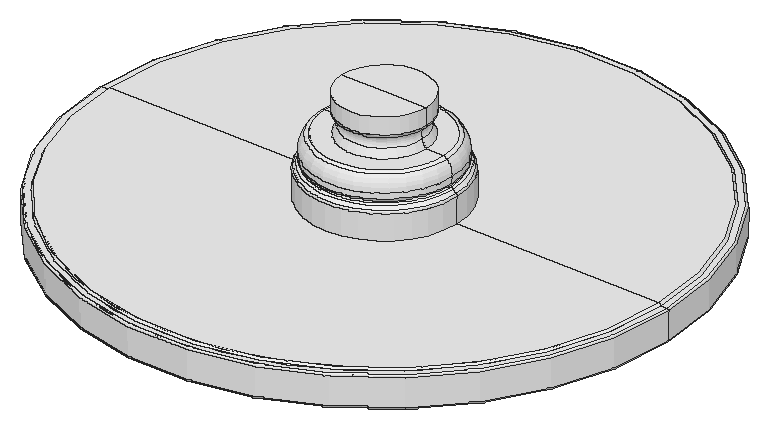
Revit family "Shower_Head-Grohe-Euphoria_Cosmopolitan_180-27492_Series", category Plumbing Fixtures, Revit 2014
Parameters (values of type "27492000")
  cUPC Compliant = yes
  Width = 7 11/128"  # constant formula
  Waste Connection = no
  Warranty Documentation Link = "https://cdn.cloud.grohe.com/tpi/1000/1900/1940/1949/1949006/original/1949006.pdf"
  WFU = 4
  Vent Connection = no
  URL = "https://www.grohe.us/"
  Type Comments = ""
  Tempered Connection Radius = Tempered Connection Diameter / 2  # 1/4"
  Tempered Connection Diameter = Hot Water Connection Diameter  # 1/2"
  Product Page URL = "https://www.grohe.us/en_us/euphoria-cosmopolitan-180-shower-head-1-spray-27492000.html"
  Price = "Prices may vary. Please consult Manufacturer Representative for most up-to-date price list."  # constant formula
  Model = "27492000"
  Material = "Metal-Grohe-000-Chrome"
  Manufacturer = "Grohe"
  Hot Water Connection Radius = Hot Water Connection Diameter / 2  # 1/4"
  Hot Water Connection Diameter = Cold Water Connection Diameter  # 1/2"
  Height = 2 1/128"  # constant formula
  HWFU = 3
  HW Connection = yes
  Flow Rate = "2.0 gpm (7.6 L/min)"
  Finish = Metal-Grohe-000-Chrome
  Description = "Euphoria Cosmopolitan 180"  # constant formula
  Default Elevation = 0"
  Creation Date = "04/21/2017"  # constant formula
  Cold Water Connection Radius = Cold Water Connection Diameter / 2  # 1/4"
  Cold Water Connection Diameter = 1/2"  # constant formula
  CWFU = 3
  CW Connection = yes
  Assembly Code = "D2010710"
Types (3): name | URL | Type Comments | Product Page URL | Model | Material | Finish
  (no name) | "https://www.grohe.us/" | "" | "https://www.grohe.us/en_us/euphoria-cosmopolitan-180-shower-head-1-spray-27492000.html" | "27492000" | "Metal-Grohe-000-Chrome" | Metal-Grohe-000-Chrome
  27492000 | "https://www.grohe.us/" | "" | "https://www.grohe.us/en_us/euphoria-cosmopolitan-180-shower-head-1-spray-27492000.html" | "27492000" | "Metal-Grohe-000-Chrome" | Metal-Grohe-000-Chrome
  27492EN0 | "http://www.grohe.com" | "*DISCONTINUED*" | "https://www.grohe.com/ca-en/6280/showers/hand-showers-shower-sets/euphoria-stick-cosmopolitan/product-details/?product=27492-G275&color=EN0&material=27492000" | "27492EN0" | "Metal-Grohe-EN0-Brushed Nickel" | Metal-Grohe-EN0-Brushed Nickel
Reference planes (in)
  plane 1 "Center (Front/Back)": y = 0
  plane 2: z = 0
  plane 3 "Center (Left/Right)": x = 0
  plane 4: z = -2.00781
  plane 5: x = -3.54297
  plane 6: x = 3.54297
Forms (in)
  Revolve 1, solid, material "Metal-Grohe-000-Chrome" <- "Finish"
    sketch origin (0, 0, 0) x (1, 0, 0) y (0, 0, 1)
      loop
        line (0, 0) -> (-0.52362, 0) -> (-0.52362, -0.20081)
        arc (-0.52362, -0.20081) -> (-0.51928, -0.21847) -> (-0.50724, -0.23209) r 0.03804
        arc (-0.50724, -0.23209) -> (-0.46229, -0.29578) -> (-0.46898, -0.37345) r 0.11358
        line (-0.46898, -0.37345) -> (-0.51331, -0.4685) -> (-0.73877, -0.4685)
        arc (-0.73877, -0.4685) -> (-0.76306, -0.47392) -> (-0.78275, -0.48913) r 0.0572
        arc (-0.78275, -0.48913) -> (-0.83004, -0.57166) -> (-0.84646, -0.66535) r 0.27559
        line (-0.84646, -0.66535) -> (-0.84646, -0.73339)
        arc (-0.84646, -0.73339) -> (-0.83986, -0.74931) -> (-0.82394, -0.75591) r 0.02251
        line (-0.82394, -0.75591) -> (-0.70866, -0.75591) -> (-0.70866, -0.7874) -> (-0.82962, -0.7874)
        arc (-0.82962, -0.7874) -> (-0.84517, -0.7905) -> (-0.85836, -0.79931) r 0.04066
        line (-0.85836, -0.79931) -> (-0.89266, -0.8336)
        arc (-0.89266, -0.8336) -> (-0.90217, -0.84784) -> (-0.90551, -0.86464) r 0.04389
        line (-0.90551, -0.86464) -> (-0.90551, -1.16521) -> (-3.42158, -1.16521) -> (-3.44534, -1.18898) -> (-3.52293, -1.18898)
        arc (-3.52293, -1.18898) -> (-3.53708, -1.1949) -> (-3.54278, -1.20914) r 0.01986
        line (-3.54278, -1.20914) -> (-3.53752, -1.54631)
        arc (-3.53752, -1.54631) -> (-3.53123, -1.56101) -> (-3.51643, -1.56708) r 0.02109
        line (-3.51643, -1.56708) -> (-2.98073, -1.56708) -> (-2.97283, -1.71784)
        arc (-2.97283, -1.71784) -> (-2.94981, -1.77045) -> (-2.8978, -1.79481) r 0.08149
        arc (-2.8978, -1.79481) -> (-1.44976, -1.89294) -> (0, -1.96103) r 69.99363
        line (0, -1.96103) -> (0, 0)
      axis (0, 0) -> (0, -1.96103)
    angle from 0 to 360
Lines and regions (in)
  Masking region 1
    outline origin (0, 0, 0) x (1, 0, 0) y (0, 1, 0)
      loop
        circle (0, 0) r 3.54664
  symbolic lines, detail levels medium+fine
    curve 1: circle (0, 0, 0) r 0.51331 normal (0, 0, 1)
  symbolic lines, detail levels fine
    curve 2: circle (0, 0, 0) r 0.70866 normal (0, 0, 1)
    curve 3: circle (0, 0, 0) r 3.5 normal (0, 0, 1)
Dimensions and locks (in)
  "Height": level to plane 4
  equal spacing: plane 6, plane 3 "Center (Left/Right)", plane 5
  "Width": plane 6 to plane 5
Automatic sketch dimensions
  Revolve 1 sketch curve to level = 0"
  Revolve 1 sketch curve to plane 3 "Center (Left/Right)" = 0"  (x2)
  plane 4 to Revolve 1 sketch curve = 0.04678"
  Revolve 1 sketch curve to plane 3 "Center (Left/Right)" = 0.46898"
  Revolve 1 sketch curve to Revolve 1 sketch curve = 0.01659"
  Revolve 1 sketch curve to Revolve 1 sketch curve = 0.04432"
  Revolve 1 sketch curve to Revolve 1 sketch curve = 0.03804"
  Revolve 1 sketch curve to Revolve 1 sketch curve = 0.05756"
  Revolve 1 sketch curve to Revolve 1 sketch curve = 0.10294"
  Revolve 1 sketch curve to Revolve 1 sketch curve = 0.1378"
  Revolve 1 sketch curve to Revolve 1 sketch curve = 0.16685"
  Revolve 1 sketch curve to Revolve 1 sketch curve = 0.11528"
  Revolve 1 sketch curve to Revolve 1 sketch curve = 0.00567"
  Revolve 1 sketch curve to Revolve 1 sketch curve = 0.02251"
  Revolve 1 sketch curve to Revolve 1 sketch curve = 0.02875"  (x2)
  Revolve 1 sketch curve to Revolve 1 sketch curve = 0.032"
  Revolve 1 sketch curve to Revolve 1 sketch curve = 0.03104"
  Revolve 1 sketch curve to Revolve 1 sketch curve = 0.01286"
  plane 4 to Revolve 1 sketch curve = 0.29424"
  Revolve 1 sketch curve to Revolve 1 sketch curve = 0.08138"
  Revolve 1 sketch curve to Revolve 1 sketch curve = 0.0079"
  Revolve 1 sketch curve to Revolve 1 sketch curve = 0.02376"  (x2)
  Revolve 1 sketch curve to Revolve 1 sketch curve = 0.00426"
  Revolve 1 sketch curve to Revolve 1 sketch curve = 0.15076"
  Revolve 1 sketch curve to Revolve 1 sketch curve = 0.02076"
  Revolve 1 sketch curve to Revolve 1 sketch curve = 0.33717"
  Revolve 1 sketch curve to Revolve 1 sketch curve = 0.00031"
  Revolve 1 sketch curve to Revolve 1 sketch curve = 0.30057"
  Revolve 1 sketch curve to Revolve 1 sketch curve = 0.03658"
  Revolve 1 sketch curve to Revolve 1 sketch curve = 0.0315"
  Revolve 1 sketch curve to Revolve 1 sketch curve = 0.06804"
  Revolve 1 sketch curve to Revolve 1 sketch curve = 0.13965"
  Revolve 1 sketch curve to Revolve 1 sketch curve = 0.19685"
  Revolve 1 sketch curve to Revolve 1 sketch curve = 0.09505"
  Revolve 1 sketch curve to Revolve 1 sketch curve = 0.048"
  Revolve 1 sketch curve to Revolve 1 sketch curve = 0.12464"
  Revolve 1 sketch curve to Revolve 1 sketch curve = 67.98582"
  Revolve 1 sketch curve to Revolve 1 sketch curve = 1 1/4"
  Revolve 1 sketch curve to Revolve 1 sketch curve = 1"
  Revolve 1 sketch curve to Revolve 1 sketch curve = 1.98594"
  plane 4 to Revolve 1 sketch curve = 0.8426"
  Revolve 1 sketch curve to Revolve 1 sketch curve = 0.44085"
  Revolve 1 sketch curve to Revolve 1 sketch curve = 0.07109"
  Revolve 1 sketch curve to Revolve 1 sketch curve = 0.07759"
  Revolve 1 sketch curve to Revolve 1 sketch curve = 0.02109"
  curve 1 to curve 2 = 0"  (x2)
  curve 1 to curve 3 = 0"  (x2)
  curve 2 to curve 3 = 0"  (x2)
  plane 1 "Center (Front/Back)" to curve 2 = 0"
  curve 2 to plane 3 "Center (Left/Right)" = 0"
  plane 1 "Center (Front/Back)" to Masking region 1 sketch curve = 0"
  Masking region 1 sketch curve to plane 3 "Center (Left/Right)" = 0"
  radius of curve 1 = 0.51331"
  radius of curve 2 = 0.70866"
  radius of curve 3 = 3 1/2"
  radius of Masking region 1 sketch curve = 3.54664"
Connectors (in)
  piping at (0, 0, 0), diameter 0.5, driven by "Tempered Connection Diameter"
    settings: on Revolve 1, index 1, connector inside diameter 24", connector length 0", flow factor 0, pipe flow 0 GPM, pressure drop 0.00 psi, fitting loss kfactor 0, connector angle 0.00°, fixture units 0, engagement length 0", angle of deflection 0.00°, flow configuration 0, flow direction 1, fitting loss method 0, system type 29, joint type 0, gender type 0, connector reference index -1, connector utility 0, adjustable connector no, is connector primary yes, connector description "1/2\" NPT Supply Inlet"
